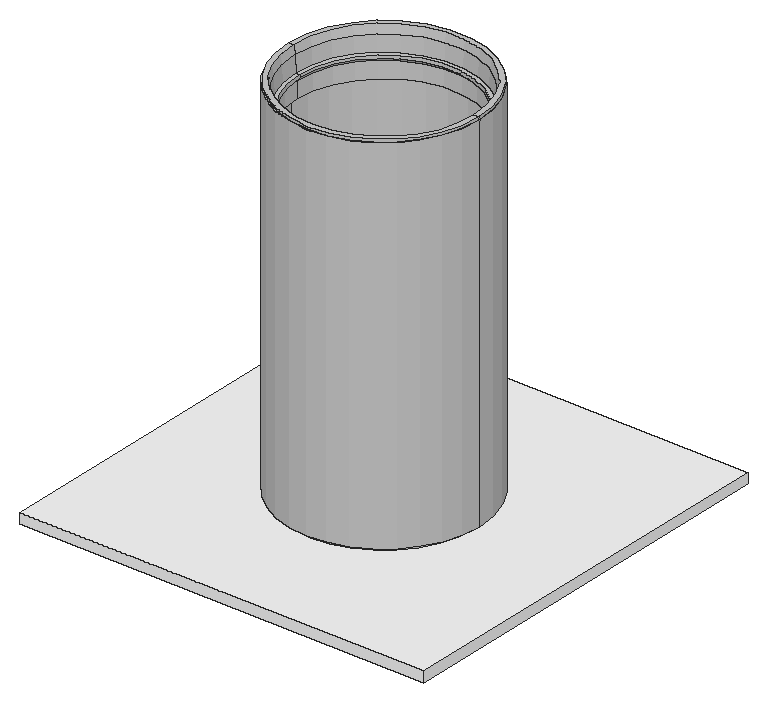
Revit family "BE_99615_de_DE", category Leuchten, Revit 2015
Parameters (values of type "BEGA_99615_Silber")
  Default Elevation = 0 mm
  URL = "http://www.bega.de/produkt/99615"
  Typenkommentare = "© 2015 BEGA. Wir behalten uns das Recht vor, technische Änderungen ohne vorherige Ankündigung vorzunehmen."  # constant formula
  Typenbild = 99615.png
  Sonderanfertigung = no
  Seriennummer [instance] = "Hier können Sie die eindeutige Seriennummer für das Facility Management eintragen."
  Scheinlast = 0 VA
  Produktdatenblatt = "http://www.bega.de/download/datenblaetter/de/99615.pdf"
  Modell = "99615A"
  Material_02 = BEGA_Oberfläche_Silber_matt
  Material_01 [instance] = BEGA_Oberfläche_Grafit_matt
  M_G = no
  M_A = yes
  Logo = 0
  Leuchtenanzahl = ""
  Lastklassifizierung = Beleuchtung
  Hersteller = "BEGA"  # constant formula
  Halbstreuwinkel = ""
  Gewicht = "3.45 kg"
  Erdstück [instance] = no
  Einbauöffnung = "190 mm"
  CE_Konformität = "ja"
  Bestellnummer_Erdstück [instance] = if(Erdstück, "70895", "---")  # "---"
  Bestellnummer = "99615A"
  Beschreibung_Sonderanfertigung = "Hier können Sie Informationen zur Sonderanfertigung eintragen."
  Beschreibung = "Pollerleuchtenrohr"
  BEGA_Intern_aus = yes
  BEGA_Intern_an = yes
  BEGA_Intern_Konstruktion = yes
  BEGA_Intern = yes
  BEGA_IES = yes
  BEGA_Dummy = no
  Aktualisierung = "2015-12-09T04:08:32"
Types (3, lengths in mm): name | Modell | M_G | M_A | Bestellnummer
  (no name) | "99615A" | no | yes | "99615A"
  BEGA_99615_Grafit | "99615" | yes | no | "99615"
  BEGA_99615_Silber | "99615A" | no | yes | "99615A"
Reference planes
  plane 1 "Mitte (Vorne/Hinten)": y = 0
  plane 2: z = 0
  plane 3 "Mitte (Links/Rechts)": x = 0
  plane 4 "Links": x = -94.998
  plane 5 "Rechts": x = 95
  plane 6 "Unten": y = -95
  plane 7 "Oben": y = 95
  plane 8 "Vorne": z = 365.733
Forms (mm)
  Extrusion 1, solid, material "BEGA_Platte_Weiss"
    sketch origin (0, -1119.2, 0) x (1, 0, 0) y (0, 1, 0)
      loop
        line (-200, 1319.2) -> (-200, 919.2) -> (200, 919.2) -> (200, 1319.2) -> (-200, 1319.2)
    from 0 to -10
  Extrusion 2, solid, material "BEGA_Dummy_matt", visible <- "BEGA_Dummy"
    sketch origin (77.149, -76.023, 0) x (1, 0, 0) y (0, 1, 0)
      loop
        circle (-77.149, 76.023) r 95
    from 0 to 365.733
Dimensions and locks
  plane 1 "Mitte (Vorne/Hinten)" to Extrusion 1 = 200 mm
  aligned and locked: plane 2 to Extrusion 1
  aligned and locked: level to Extrusion 1
Nested families
  nested 1: "BE_99615_Pollerrohr" at (0, 0, 0), type "BE_99615_Pollerrohr"
Connectors
  electrical at (0, 0, 0), driven by "Lastklassifizierung", driven by "Scheinlast"
    settings: index 1, voltage 0 V, apparent load 0 VA, apparent load phase1 0 VA, apparent load phase2 0 VA, apparent load phase3 0 VA, power factor 1, load classification "Beleuchtung", number of poles 1, system type 31, power factor state 1, is connector primary yes, connector utility no, sub classification motor no, connector description ""
Definition of nested family "BE_99615_Pollerrohr"
  Parameters (values of type "BE_99615_Pollerrohr")
    Default Elevation = 1 mm
    URL = "http://www.bega.de/de/produkt"
    Type Comments = "© 2015 BEGA. Wir behalten uns das Recht vor, technische Änderungen ohne vorherige Ankündigung vorzunehmen. "  # constant formula
    Type Image = (empty or 0)
    Material_02 = none
    Material_01 = none
    M_G = yes
    M_A = yes
    Länge_Platte = 200 mm  # constant formula
    Höhe_Platte = -10 mm  # constant formula
    Manufacturer = "BEGA"  # constant formula
    Breite_Platte = 200 mm  # constant formula
  Reference planes
    plane 1 "Mitte (Oben/Unten)": y = 0
    plane 2: z = 0
    plane 3 "Mitte (Links/Rechts)": x = 0
    plane 4 "Vorne": z = 365.733
    plane 5 "Links": x = -94.998
    plane 6 "Rechts": x = 95
    plane 7 "Oben": y = 95
    plane 8 "Unten": y = -95
  Forms (mm)
    Extrusion 1, solid, detail levels medium
      sketch origin (0, 0, 0) x (1, 0, 0) y (0, 1, 0)
        loop
          line (-100, 100) -> (-100, -100) -> (100, -100) -> (100, 100) -> (-100, 100)
      from 0 to -10 <- "Höhe_Platte"
    Revolve 2, solid, material <- "Material_01", visible <- "M_G", detail levels medium+fine
      sketch origin (0, 0, 0) x (1, 0, 0) y (0, 0, 1)
        loop
          line (-90.5, 7.034) -> (-90.5, 0) -> (-39.58, 0)
          arc (-39.58, 0) -> (-38.189, 0.563) -> (-37.581, 1.934) r 2
          line (-37.581, 1.934) -> (-37.5, 4.25) -> (-37.648, 8.5) -> (-63.029, 8.5)
          arc (-63.029, 8.5) -> (-64.75, 9.187) -> (-65.526, 10.869) r 2.5
          line (-65.526, 10.869) -> (-67, 39) -> (-83.5, 39) -> (-83.5, 35) -> (-72.5, 24) -> (-72.5, 13.455)
          arc (-72.5, 13.455) -> (-73.86, 10.028) -> (-77.2, 8.464) r 5
          line (-77.2, 8.464) -> (-89.536, 8.034)
          arc (-89.536, 8.034) -> (-90.22, 7.729) -> (-90.5, 7.034) r 1
        axis (0, 39) -> (0, 0)
      angle from 0 to 360
    Extrusion 3, void
      sketch origin (0, 0, 0) x (1, 0, 0) y (0, 1, 0)
        loop
          arc (-27.709, 36.111) -> (-26.88, 42.394) -> (-33.162, 43.228) r 4.483
          arc (-33.162, 43.228) -> (-47.18, 27.249) -> (-54.016, 7.122) r 54.483
          arc (-54.016, 7.122) -> (-50.162, 2.083) -> (-45.127, 5.942) r 4.483
          arc (-45.127, 5.942) -> (-39.419, 22.758) -> (-27.709, 36.111) r 45.517
        loop
          arc (33.172, 43.22) -> (26.884, 42.399) -> (27.709, 36.11) r 4.483
          arc (27.709, 36.11) -> (39.419, 22.758) -> (45.127, 5.942) r 45.517
          arc (45.127, 5.942) -> (50.165, 2.083) -> (54.015, 7.128) r 4.483
          arc (54.015, 7.128) -> (47.181, 27.246) -> (33.172, 43.22) r 54.483
        loop
          arc (-17.424, -42.05) -> (-23.277, -44.481) -> (-20.849, -50.336) r 4.483
          arc (-20.849, -50.336) -> (-0.005, -54.483) -> (20.84, -50.34) r 54.483
          arc (20.84, -50.34) -> (23.277, -44.483) -> (17.418, -42.052) r 4.483
          arc (17.418, -42.052) -> (-0.003, -45.517) -> (-17.424, -42.05) r 45.517
      from 0 to 15.317
    Revolve 4, solid, material <- "Material_01", visible <- "M_G", detail levels medium+fine
      sketch origin (0, 0, 0) x (1, 0, 0) y (0, 0, 1)
        loop
          line (-92, 3.433) -> (-92, 7.948) -> (-84.287, 8.217) -> (-84, 16.433) -> (-76.983, 16.433)
          arc (-76.983, 16.433) -> (-76.692, 21.842) -> (-76.784, 27.259) r 76.606
          line (-76.784, 27.259) -> (-84.653, 35.128) -> (-84.764, 38.309) -> (-88.9, 42.445) -> (-92, 42.445) -> (-92, 318.433) -> (-86, 318.433) -> (-86, 334.994)
          arc (-86, 334.994) -> (-84.338, 336.606) -> (-82.69, 338.233) r 256.8
          arc (-82.69, 338.233) -> (-82.702, 339.833) -> (-82.744, 341.433) r 82.787
          line (-82.744, 341.433) -> (-87.248, 341.433) -> (-87.8, 357.233) -> (-89.299, 365.733) -> (-94, 365.733) -> (-94, 363.433) -> (-94.998, 363.433) -> (-94.998, 3.433) -> (-92, 3.433)
        axis (0, 365.733) -> (0, 3.433)
      angle from 0 to 360
    Revolve 5, solid, material <- "Material_02", visible <- "M_A", detail levels medium+fine
      sketch origin (0, 0, 0) x (1, 0, 0) y (0, 0, 1)
        loop
          line (-90.5, 7.034) -> (-90.5, 0) -> (-39.58, 0)
          arc (-39.58, 0) -> (-38.189, 0.563) -> (-37.581, 1.934) r 2
          line (-37.581, 1.934) -> (-37.5, 4.25) -> (-37.648, 8.5) -> (-63.029, 8.5)
          arc (-63.029, 8.5) -> (-64.75, 9.187) -> (-65.526, 10.869) r 2.5
          line (-65.526, 10.869) -> (-67, 39) -> (-83.5, 39) -> (-83.5, 35) -> (-72.5, 24) -> (-72.5, 13.455)
          arc (-72.5, 13.455) -> (-73.86, 10.028) -> (-77.2, 8.464) r 5
          line (-77.2, 8.464) -> (-89.536, 8.034)
          arc (-89.536, 8.034) -> (-90.22, 7.729) -> (-90.5, 7.034) r 1
        axis (0, 39) -> (0, 0)
      angle from 0 to 360
    Revolve 6, solid, material <- "Material_02", visible <- "M_A", detail levels medium+fine
      sketch origin (0, 0, 0) x (1, 0, 0) y (0, 0, 1)
        loop
          line (-92, 3.433) -> (-92, 7.948) -> (-84.287, 8.217) -> (-84, 16.433) -> (-76.983, 16.433)
          arc (-76.983, 16.433) -> (-76.692, 21.842) -> (-76.784, 27.259) r 76.606
          line (-76.784, 27.259) -> (-84.653, 35.128) -> (-84.764, 38.309) -> (-88.9, 42.445) -> (-92, 42.445) -> (-92, 318.433) -> (-86, 318.433) -> (-86, 334.994)
          arc (-86, 334.994) -> (-84.338, 336.606) -> (-82.69, 338.233) r 256.8
          arc (-82.69, 338.233) -> (-82.702, 339.833) -> (-82.744, 341.433) r 82.787
          line (-82.744, 341.433) -> (-87.248, 341.433) -> (-87.8, 357.233) -> (-89.299, 365.733) -> (-94, 365.733) -> (-94, 363.433) -> (-94.998, 363.433) -> (-94.998, 3.433) -> (-92, 3.433)
        axis (0, 365.733) -> (0, 3.433)
      angle from 0 to 360
  Cuts and joins
    Extrusion 3 cuts Revolve 2
    Extrusion 3 cuts Revolve 5
  Dimensions and locks
    equal spacing: Extrusion 1 sketch curve, plane 3 "Mitte (Links/Rechts)", Extrusion 1 sketch curve
    equal spacing: Extrusion 1 sketch curve, plane 1 "Mitte (Oben/Unten)", Extrusion 1 sketch curve
    "Länge_Platte": Extrusion 1 sketch curve to Extrusion 1 sketch curve
    "Breite_Platte": Extrusion 1 sketch curve to Extrusion 1 sketch curve
    plane 1 "Mitte (Oben/Unten)" to Extrusion 1 = 100 mm  (x3)
    aligned and locked: Extrusion 1 to plane 2
    aligned and locked: level to Extrusion 1
    aligned and locked: Revolve 2 sketch curve to plane 3 "Mitte (Links/Rechts)"
    aligned and locked: Revolve 4 sketch curve to plane 3 "Mitte (Links/Rechts)"
  Automatic sketch dimensions
    Revolve 2 sketch curve to level = 0 mm
    plane 5 "Links" to Revolve 2 sketch curve = 4.498 mm
    plane 5 "Links" to Revolve 2 sketch curve = 11.498 mm
    Revolve 2 sketch curve to Revolve 2 sketch curve = 27.471 mm
    level to Revolve 2 sketch curve = 2 mm
    level to Revolve 2 sketch curve = 8.5 mm
    level to Revolve 2 sketch curve = 1.934 mm
    Revolve 2 sketch curve to Revolve 2 sketch curve = 1.999 mm
    level to Revolve 2 sketch curve = 4.25 mm
    Revolve 2 sketch curve to Revolve 2 sketch curve = 0.081 mm
    Revolve 2 sketch curve to Revolve 2 sketch curve = 28 mm
    Revolve 2 sketch curve to Revolve 2 sketch curve = 11 mm
    Revolve 2 sketch curve to Revolve 2 sketch curve = 16.5 mm
    level to Revolve 2 sketch curve = 10.869 mm
    Revolve 2 sketch curve to Revolve 2 sketch curve = 2.497 mm
    Revolve 2 sketch curve to Revolve 2 sketch curve = 0 mm  (x4)
    Revolve 2 sketch curve to Revolve 2 sketch curve = 23.449 mm
    Revolve 2 sketch curve to Revolve 2 sketch curve = 1.931 mm
    Revolve 2 sketch curve to Revolve 2 sketch curve = 7.034 mm
    Revolve 2 sketch curve to Revolve 2 sketch curve = 2.5 mm
    Revolve 2 sketch curve to Revolve 2 sketch curve = 13.131 mm
    Revolve 2 sketch curve to Revolve 2 sketch curve = 4 mm
    Revolve 2 sketch curve to Revolve 2 sketch curve = 5 mm
    Revolve 2 sketch curve to Revolve 2 sketch curve = 10.545 mm
    Revolve 2 sketch curve to Revolve 2 sketch curve = 0.3 mm
    Revolve 2 sketch curve to Revolve 2 sketch curve = 0.964 mm
    Revolve 2 sketch curve to Revolve 2 sketch curve = 0.036 mm
    Revolve 2 sketch curve to Revolve 2 sketch curve = 0.148 mm
    Revolve 2 sketch curve to level = 274.158 mm
    plane 4 "Vorne" to Revolve 2 sketch curve = 42.699 mm
    Extrusion 3 sketch curve to Extrusion 3 sketch curve = 0 mm  (x14)
    Extrusion 3 sketch curve to plane 3 "Mitte (Links/Rechts)" = 0 mm  (x2)
    Extrusion 3 sketch curve to plane 1 "Mitte (Oben/Unten)" = 6.527 mm
    plane 5 "Links" to Extrusion 3 sketch curve = 45.426 mm
    Extrusion 3 sketch curve to plane 1 "Mitte (Oben/Unten)" = 0 mm
    Extrusion 3 sketch curve to plane 3 "Mitte (Links/Rechts)" = 27.709 mm
    Extrusion 3 sketch curve to Extrusion 3 sketch curve = 5.453 mm
    Extrusion 3 sketch curve to Extrusion 3 sketch curve = 4.445 mm
    Extrusion 3 sketch curve to Extrusion 3 sketch curve = 4.444 mm
    Extrusion 3 sketch curve to Extrusion 3 sketch curve = 0.585 mm
    Extrusion 3 sketch curve to Extrusion 3 sketch curve = 2.724 mm
    Extrusion 3 sketch curve to Extrusion 3 sketch curve = 3.561 mm
    plane 3 "Mitte (Links/Rechts)" to Extrusion 3 sketch curve = 0 mm
    plane 3 "Mitte (Links/Rechts)" to Extrusion 3 sketch curve = 30.439 mm
    plane 1 "Mitte (Oben/Unten)" to Extrusion 3 sketch curve = 0 mm  (x2)
    Extrusion 3 sketch curve to plane 1 "Mitte (Oben/Unten)" = 39.667 mm
    Extrusion 3 sketch curve to Extrusion 3 sketch curve = 2.729 mm
    Extrusion 3 sketch curve to Extrusion 3 sketch curve = 2.734 mm
    Extrusion 3 sketch curve to plane 1 "Mitte (Oben/Unten)" = 5.942 mm
    Extrusion 3 sketch curve to Extrusion 3 sketch curve = 17.418 mm
    Extrusion 3 sketch curve to Extrusion 3 sketch curve = 8.888 mm
    Extrusion 3 sketch curve to plane 1 "Mitte (Oben/Unten)" = 7.128 mm
    Extrusion 3 sketch curve to Extrusion 3 sketch curve = 4.443 mm
    Extrusion 3 sketch curve to Extrusion 3 sketch curve = 0.601 mm
    plane 3 "Mitte (Links/Rechts)" to Extrusion 3 sketch curve = 19.133 mm
    plane 1 "Mitte (Oben/Unten)" to Extrusion 3 sketch curve = 46.194 mm
    Extrusion 3 sketch curve to plane 3 "Mitte (Links/Rechts)" = 20.849 mm
    Extrusion 3 sketch curve to Extrusion 3 sketch curve = 3.426 mm
    Extrusion 3 sketch curve to Extrusion 3 sketch curve = 1.716 mm
    Extrusion 3 sketch curve to Extrusion 3 sketch curve = 1.707 mm
    Extrusion 3 sketch curve to Extrusion 3 sketch curve = 4.142 mm
    Extrusion 3 sketch curve to Extrusion 3 sketch curve = 1.71 mm
    Extrusion 3 sketch curve to Extrusion 3 sketch curve = 4.144 mm
    plane 5 "Links" to Revolve 4 sketch curve = 2.998 mm  (x2)
    level to Revolve 4 sketch curve = 3.433 mm
    Revolve 4 sketch curve to plane 5 "Links" = 0 mm
    Revolve 4 sketch curve to Revolve 4 sketch curve = 4.515 mm
    Revolve 4 sketch curve to Revolve 4 sketch curve = 7.713 mm
    level to Revolve 4 sketch curve = 8.217 mm
    Revolve 4 sketch curve to Revolve 4 sketch curve = 0.287 mm
    Revolve 4 sketch curve to Revolve 4 sketch curve = 8.216 mm
    level to Revolve 4 sketch curve = 23.25 mm
    Revolve 4 sketch curve to Revolve 4 sketch curve = 27.181 mm
    Revolve 4 sketch curve to Revolve 4 sketch curve = 0.111 mm
    Revolve 4 sketch curve to Revolve 4 sketch curve = 7.869 mm  (x2)
    Revolve 4 sketch curve to Revolve 4 sketch curve = 7.017 mm
    Revolve 4 sketch curve to Revolve 4 sketch curve = 0.199 mm
    Revolve 4 sketch curve to Revolve 4 sketch curve = 3.181 mm
    Revolve 4 sketch curve to Revolve 4 sketch curve = 3.1 mm
    Revolve 4 sketch curve to Revolve 4 sketch curve = 4.136 mm
    Revolve 4 sketch curve to plane 4 "Vorne" = 47.3 mm
    Revolve 4 sketch curve to plane 4 "Vorne" = 27.301 mm
    Revolve 4 sketch curve to plane 5 "Links" = 70.479 mm
    Revolve 4 sketch curve to plane 5 "Links" = 168.941 mm
    plane 4 "Vorne" to Revolve 4 sketch curve = 154.421 mm
    Revolve 4 sketch curve to Revolve 4 sketch curve = 6 mm
    Revolve 4 sketch curve to Revolve 4 sketch curve = 3.256 mm
    Revolve 4 sketch curve to Revolve 4 sketch curve = 0.054 mm
    Revolve 4 sketch curve to Revolve 4 sketch curve = 16.561 mm
    Revolve 4 sketch curve to Revolve 4 sketch curve = 4.504 mm
    plane 5 "Links" to Revolve 4 sketch curve = 7.198 mm
    Revolve 4 sketch curve to plane 4 "Vorne" = 8.5 mm
    plane 5 "Links" to Revolve 4 sketch curve = 5.699 mm
    Revolve 4 sketch curve to plane 4 "Vorne" = 2.3 mm
    plane 5 "Links" to Revolve 4 sketch curve = 0.998 mm
    Revolve 4 sketch curve to plane 4 "Vorne" = 0 mm
    Revolve 4 sketch curve to level = 274.158 mm
    plane 4 "Vorne" to Revolve 4 sketch curve = 42.699 mm
    Revolve 5 sketch curve to level = 0 mm
    Revolve 5 sketch curve to plane 3 "Mitte (Links/Rechts)" = 0 mm
    level to Revolve 5 sketch curve = 4.25 mm
    Revolve 5 sketch curve to plane 3 "Mitte (Links/Rechts)" = 37.5 mm
    level to Revolve 5 sketch curve = 1.934 mm
    Revolve 5 sketch curve to Revolve 5 sketch curve = 0.081 mm
    level to Revolve 5 sketch curve = 8.5 mm
    Revolve 5 sketch curve to Revolve 5 sketch curve = 0.148 mm
    Revolve 5 sketch curve to Revolve 5 sketch curve = 1.999 mm
    level to Revolve 5 sketch curve = 11 mm
    Revolve 5 sketch curve to Revolve 5 sketch curve = 23.449 mm
    plane 5 "Links" to Revolve 5 sketch curve = 27.998 mm
    Revolve 5 sketch curve to Revolve 5 sketch curve = 5.5 mm
    Revolve 5 sketch curve to Revolve 5 sketch curve = 4.7 mm
    Revolve 5 sketch curve to Revolve 5 sketch curve = 0.3 mm
    plane 5 "Links" to Revolve 5 sketch curve = 11.498 mm
    plane 5 "Links" to Revolve 5 sketch curve = 5.498 mm
    Revolve 5 sketch curve to Revolve 5 sketch curve = 0.036 mm
    Revolve 5 sketch curve to Revolve 5 sketch curve = 1 mm
    Revolve 5 sketch curve to Revolve 5 sketch curve = 0.066 mm
    level to Revolve 5 sketch curve = 7.034 mm
    level to Revolve 5 sketch curve = 8.464 mm
    Revolve 5 sketch curve to Revolve 5 sketch curve = 10.545 mm
    Revolve 5 sketch curve to Revolve 5 sketch curve = 11 mm
    Revolve 5 sketch curve to Revolve 5 sketch curve = 15 mm
    Revolve 5 sketch curve to Revolve 5 sketch curve = 0 mm  (x5)
    Revolve 5 sketch curve to Revolve 5 sketch curve = 2.497 mm
    level to Revolve 5 sketch curve = 10.869 mm
    Revolve 5 sketch curve to level = 274.158 mm
    plane 4 "Vorne" to Revolve 5 sketch curve = 42.699 mm
    Revolve 6 sketch curve to plane 5 "Links" = 0 mm
    Revolve 6 sketch curve to plane 4 "Vorne" = 0 mm
    Revolve 6 sketch curve to plane 3 "Mitte (Links/Rechts)" = 0 mm
    level to Revolve 6 sketch curve = 23.25 mm
    Revolve 6 sketch curve to plane 5 "Links" = 58.287 mm
    Revolve 6 sketch curve to plane 4 "Vorne" = 27.301 mm
    Revolve 6 sketch curve to plane 5 "Links" = 70.479 mm
    Revolve 6 sketch curve to plane 5 "Links" = 168.941 mm
    plane 5 "Links" to Revolve 6 sketch curve = 0.998 mm
    plane 5 "Links" to Revolve 6 sketch curve = 2.998 mm  (x2)
    Revolve 6 sketch curve to Revolve 6 sketch curve = 4.701 mm
    Revolve 6 sketch curve to Revolve 6 sketch curve = 3.1 mm
    plane 5 "Links" to Revolve 6 sketch curve = 7.198 mm
    plane 5 "Links" to Revolve 6 sketch curve = 7.75 mm
    Revolve 6 sketch curve to Revolve 6 sketch curve = 1.248 mm
    Revolve 6 sketch curve to Revolve 6 sketch curve = 4.136 mm  (x2)
    Revolve 6 sketch curve to Revolve 6 sketch curve = 0.111 mm
    Revolve 6 sketch curve to Revolve 6 sketch curve = 7.713 mm
    Revolve 6 sketch curve to Revolve 6 sketch curve = 0.287 mm
    Revolve 6 sketch curve to Revolve 6 sketch curve = 4.504 mm
    Revolve 6 sketch curve to Revolve 6 sketch curve = 7.017 mm
    Revolve 6 sketch curve to Revolve 6 sketch curve = 0.199 mm
    level to Revolve 6 sketch curve = 16.433 mm
    level to Revolve 6 sketch curve = 8.217 mm
    Revolve 6 sketch curve to Revolve 6 sketch curve = 0.269 mm
    level to Revolve 6 sketch curve = 3.433 mm
    Revolve 6 sketch curve to Revolve 6 sketch curve = 7.869 mm
    Revolve 6 sketch curve to Revolve 6 sketch curve = 3.181 mm
    Revolve 6 sketch curve to plane 4 "Vorne" = 47.3 mm
    Revolve 6 sketch curve to Revolve 6 sketch curve = 16.561 mm
    Revolve 6 sketch curve to Revolve 6 sketch curve = 6.439 mm
    Revolve 6 sketch curve to plane 4 "Vorne" = 8.5 mm
    Revolve 6 sketch curve to plane 4 "Vorne" = 2.3 mm
    plane 4 "Vorne" to Revolve 6 sketch curve = 154.421 mm
    Revolve 6 sketch curve to level = 274.158 mm
    plane 4 "Vorne" to Revolve 6 sketch curve = 42.699 mm
